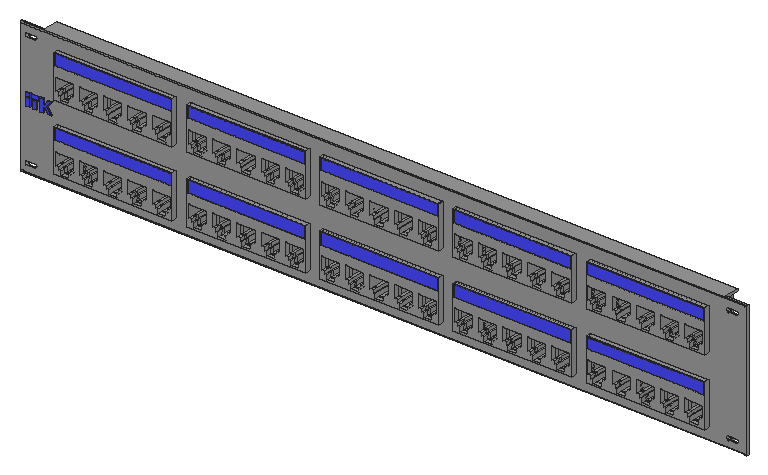
Revit family "ITK_Телефонная патч-панель_19-дюймовое крепление_2U", category Обобщенные модели, Revit 2019
Family settings
  Может служить основой для арматурных стержней = Нет
  Размер круглого соединителя = Использовать диаметр
  Тип детали = Нормальный
  На основе рабочей плоскости = Нет
  Всегда вертикально = Да
  При загрузке вырезать с полостями = Нет
  Общий = Нет
  Точка расчета площади = Нет
Parameters (values of type "PP50-2UC03U-110")
  Ширина = 482.6 mm
  Материал = Окраска - RAL 9005
  Изготовитель = "ITK"  # constant formula
  Дата изменения = ""
  Высота = 89 mm
  URL = "https://www.iek.ru/"
  KSI_CPr_Строительные изделия = "27.12.31.61.1.04.09-1090"  # constant formula
  KSI_CMa_Строительные материалы = "10.03.02.06"  # constant formula
  IEK_Цена за единицу = 3523.24
  IEK_Поиск в таблице имен = ""
  IEK_Описание = "Большое количество коммутационных портов.\r\nДвойная понятная маркировка IDC-модулей и портов.\r\nРасширенный частотный диапазон работы.\r\nУвеличенное количество циклов включения-отключения.\r\nСовместимы со всеми 19\" шкафами и стойками ITK.\r\nСоответствие международным стандартам и ГОСТ Р."
  IEK_URL = "https://www.itk-group.ru/produktsiya/catalog/oborudovanie_telekommunikatsionnoe/komponenty_sks_mednye/patch_paneli/patch_paneli_kat_3/itk_2u_telefonnaya_patch_panel_kat_3_50_portov_110_idc"
  ADSK_Примечание = ""
  ADSK_Позиция [instance] = ""
  ADSK_Наименование = "ITK 2U телефонная патч-панель кат. 3 50 портов 110 IDC"
  ADSK_Материал обозначение = ""
  ADSK_Материал наименование = "Металл и АБС-пластик"  # constant formula
  ADSK_Масса = 0.82
  ADSK_Марка = ""  # constant formula
  ADSK_Код изделия = "PP50-2UC03U-110"
  ADSK_Завод-изготовитель = "IEK"  # constant formula
  ADSK_Единица измерения = "шт"  # constant formula
  ADSK_Группирование = "I. ЩИТЫ И ПУЛЬТЫ"  # constant formula
  ADSK_Версия семейства = "1.0"  # constant formula
  ADSK_Версия Revit = "2019"  # constant formula
  ADSK_URL страницы изделия = "https://www.itk-group.ru/produktsiya/catalog/oborudovanie_telekommunikatsionnoe/komponenty_sks_mednye/patch_paneli/patch_paneli_kat_3/"
Reference planes
  plane 1 "По центру (Вперед/Назад)": y = 0
  plane 2: z = 0
  plane 3 "По центру (Влево/Вправо)": x = 0
  plane 4: z = 89
  plane 5: y = 11.8
  plane 6: x = 232.5
  plane 7: z = 22.25
  plane 8: z = 6.35
  plane 9: x = -233.8
  plane 10: x = -216.3
  plane 11: x = 216.3
  plane 12: z = 28.703
  plane 13: x = -241.3
  plane 14: x = 241.3
  plane 15: z = 44.5
Forms (mm)
  Extrusion 1, void
    sketch origin (0, 0, 0) x (1, 0, 0) y (0, 1, 0)
      loop
        line (-241.3, 11.8) -> (-241.3, 1.6) -> (-226.3, 1.6) -> (-226.3, 11.8) -> (-241.3, 11.8)
      loop
        line (241.3, 11.8) -> (226.3, 11.8) -> (226.3, 1.6) -> (241.3, 1.6) -> (241.3, 11.8)
    from 0 to 482.6
  Extrusion 2, solid, material "Окраска - RAL 9005" <- "Материал", detail levels fine
    sketch origin (-241.3, 0, 0) x (0, 1, 0) y (0, 0, 1)
      loop
        line (11.8, 89) -> (0.523, 89)
        arc (0.523, 89) -> (0.153, 88.847) -> (0, 88.477) r 0.523
        line (0, 88.477) -> (0, 0.507)
        arc (0, 0.507) -> (0.148, 0.148) -> (0.507, 0) r 0.507
        line (0.507, 0) -> (11.8, 0) -> (11.8, 1.6) -> (2.104, 1.6)
        arc (2.104, 1.6) -> (1.748, 1.748) -> (1.6, 2.104) r 0.504
        line (1.6, 2.104) -> (1.6, 86.858)
        arc (1.6, 86.858) -> (1.759, 87.241) -> (2.142, 87.4) r 0.542
        line (2.142, 87.4) -> (11.8, 87.4) -> (11.8, 89)
    from 0 to 482.6
  Extrusion 3, void
    sketch origin (0, 0, 0) x (1, 0, 0) y (0, 0, 1)
      loop
        arc (235, 4.85) -> (236.5, 6.35) -> (235, 7.85) r 1.5
        line (235, 7.85) -> (230, 7.85)
        arc (230, 7.85) -> (228.5, 6.35) -> (230, 4.85) r 1.5
        line (230, 4.85) -> (235, 4.85)
      loop
        line (-236.3, 4.85) -> (-231.3, 4.85)
        arc (-231.3, 4.85) -> (-229.8, 6.35) -> (-231.3, 7.85) r 1.5
        line (-231.3, 7.85) -> (-236.3, 7.85)
        arc (-236.3, 7.85) -> (-237.8, 6.35) -> (-236.3, 4.85) r 1.5
      loop
        line (235, 84.15) -> (230, 84.15)
        arc (230, 84.15) -> (228.5, 82.65) -> (230, 81.15) r 1.5
        line (230, 81.15) -> (235, 81.15)
        arc (235, 81.15) -> (236.5, 82.65) -> (235, 84.15) r 1.5
      loop
        arc (-236.3, 84.15) -> (-237.8, 82.65) -> (-236.3, 81.15) r 1.5
        line (-236.3, 81.15) -> (-231.3, 81.15)
        arc (-231.3, 81.15) -> (-229.8, 82.65) -> (-231.3, 84.15) r 1.5
        line (-231.3, 84.15) -> (-236.3, 84.15)
    from 0 to -2
  Extrusion 4, solid, material "Окраска - RAL 9005" <- "Материал", detail levels fine
    sketch origin (0, 0, 0) x (1, 0, 0) y (0, 0, 1)
      loop
        line (-216.3, 36.507) -> (-216.3, 8.268) -> (-137.7, 8.268) -> (-137.7, 36.507) -> (-216.3, 36.507)
      loop
        line (-127.7, 36.507) -> (-127.7, 8.268) -> (-49.1, 8.268) -> (-49.1, 36.507) -> (-127.7, 36.507)
      loop
        line (-39.3, 36.507) -> (-39.3, 8.268) -> (39.3, 8.268) -> (39.3, 36.507) -> (-39.3, 36.507)
      loop
        line (216.3, 36.507) -> (137.7, 36.507) -> (137.7, 8.268) -> (216.3, 8.268) -> (216.3, 36.507)
      loop
        line (127.7, 36.507) -> (49.1, 36.507) -> (49.1, 8.268) -> (127.7, 8.268) -> (127.7, 36.507)
      loop
        line (-216.3, 52.493) -> (-137.7, 52.493) -> (-137.7, 80.732) -> (-216.3, 80.732) -> (-216.3, 52.493)
      loop
        line (-127.7, 52.493) -> (-49.1, 52.493) -> (-49.1, 80.732) -> (-127.7, 80.732) -> (-127.7, 52.493)
      loop
        line (-39.3, 52.493) -> (39.3, 52.493) -> (39.3, 80.732) -> (-39.3, 80.732) -> (-39.3, 52.493)
      loop
        line (216.3, 52.493) -> (216.3, 80.732) -> (137.7, 80.732) -> (137.7, 52.493) -> (216.3, 52.493)
      loop
        line (127.7, 52.493) -> (127.7, 80.732) -> (49.1, 80.732) -> (49.1, 52.493) -> (127.7, 52.493)
    from 3.3 to -20
  Extrusion 5, solid, material "Пластик белый", detail levels fine
    sketch origin (0, 0, 0) x (1, 0, 0) y (0, 0, 1)
      loop
        line (-215.909, 28.703) -> (-138.05, 28.703) -> (-138.05, 36.197) -> (-215.909, 36.197) -> (-215.909, 28.703)
      loop
        line (-127.309, 28.703) -> (-49.45, 28.703) -> (-49.45, 36.197) -> (-127.309, 36.197) -> (-127.309, 28.703)
      loop
        line (-38.909, 28.703) -> (38.95, 28.703) -> (38.95, 36.197) -> (-38.909, 36.197) -> (-38.909, 28.703)
      loop
        line (49.491, 28.703) -> (127.35, 28.703) -> (127.35, 36.197) -> (49.491, 36.197) -> (49.491, 28.703)
      loop
        line (138.091, 28.703) -> (215.95, 28.703) -> (215.95, 36.197) -> (138.091, 36.197) -> (138.091, 28.703)
      loop
        line (-215.909, 72.928) -> (-138.05, 72.928) -> (-138.05, 80.423) -> (-215.909, 80.423) -> (-215.909, 72.928)
      loop
        line (-127.309, 72.928) -> (-49.45, 72.928) -> (-49.45, 80.423) -> (-127.309, 80.423) -> (-127.309, 72.928)
      loop
        line (-38.909, 72.928) -> (38.95, 72.928) -> (38.95, 80.423) -> (-38.909, 80.423) -> (-38.909, 72.928)
      loop
        line (49.491, 72.928) -> (127.35, 72.928) -> (127.35, 80.423) -> (49.491, 80.423) -> (49.491, 72.928)
      loop
        line (138.091, 72.928) -> (215.95, 72.928) -> (215.95, 80.423) -> (138.091, 80.423) -> (138.091, 72.928)
    from 3.3 to 0
  Extrusion 6, void
    sketch origin (0, 0, 0) x (1, 0, 0) y (0, 0, 1)
      loop
        line (-215.909, 36.197) -> (-215.909, 28.703) -> (-138.05, 28.703) -> (-138.05, 36.197) -> (-215.909, 36.197)
      loop
        line (-127.309, 36.197) -> (-127.309, 28.703) -> (-49.45, 28.703) -> (-49.45, 36.197) -> (-127.309, 36.197)
      loop
        line (-38.909, 36.197) -> (-38.909, 28.703) -> (38.95, 28.703) -> (38.95, 36.197) -> (-38.909, 36.197)
      loop
        line (49.491, 36.197) -> (49.491, 28.703) -> (127.35, 28.703) -> (127.35, 36.197) -> (49.491, 36.197)
      loop
        line (138.091, 36.197) -> (138.091, 28.703) -> (215.95, 28.703) -> (215.95, 36.197) -> (138.091, 36.197)
      loop
        line (-215.909, 80.423) -> (-215.909, 72.928) -> (-138.05, 72.928) -> (-138.05, 80.423) -> (-215.909, 80.423)
      loop
        line (-127.309, 80.423) -> (-127.309, 72.928) -> (-49.45, 72.928) -> (-49.45, 80.423) -> (-127.309, 80.423)
      loop
        line (-38.909, 80.423) -> (-38.909, 72.928) -> (38.95, 72.928) -> (38.95, 80.423) -> (-38.909, 80.423)
      loop
        line (49.491, 80.423) -> (49.491, 72.928) -> (127.35, 72.928) -> (127.35, 80.423) -> (49.491, 80.423)
      loop
        line (138.091, 80.423) -> (138.091, 72.928) -> (215.95, 72.928) -> (215.95, 80.423) -> (138.091, 80.423)
    from 0.831 to 3.3
  Extrusion 7, void
    sketch origin (0, 0, 0) x (1, 0, 0) y (0, 0, 1)
      loop
        line (-215.254, 22.25) -> (-215.254, 13.941) -> (-213.238, 13.941) -> (-213.238, 12.066) -> (-211.993, 12.066) -> (-211.993, 9.145) -> (-206.457, 9.145) -> (-206.457, 12.066) -> (-205.213, 12.066) -> (-205.213, 13.941) -> (-203.196, 13.941) -> (-203.196, 22.25) -> (-215.254, 22.25)
      loop
        line (-138.746, 22.25) -> (-150.804, 22.25) -> (-150.804, 13.941) -> (-148.787, 13.941) -> (-148.787, 12.066) -> (-147.543, 12.066) -> (-147.543, 9.145) -> (-142.007, 9.145) -> (-142.007, 12.066) -> (-140.762, 12.066) -> (-140.762, 13.941) -> (-138.746, 13.941) -> (-138.746, 22.25)
      loop
        line (-183.029, 22.25) -> (-183.029, 13.941) -> (-181.012, 13.941) -> (-181.012, 12.066) -> (-179.768, 12.066) -> (-179.768, 9.145) -> (-174.232, 9.145) -> (-174.232, 12.066) -> (-172.988, 12.066) -> (-172.988, 13.941) -> (-170.971, 13.941) -> (-170.971, 22.25) -> (-183.029, 22.25)
      loop
        line (-199.142, 22.25) -> (-199.142, 13.941) -> (-197.125, 13.941) -> (-197.125, 12.066) -> (-195.881, 12.066) -> (-195.881, 9.145) -> (-190.345, 9.145) -> (-190.345, 12.066) -> (-189.1, 12.066) -> (-189.1, 13.941) -> (-187.083, 13.941) -> (-187.083, 22.25) -> (-199.142, 22.25)
      loop
        line (-154.858, 22.25) -> (-166.917, 22.25) -> (-166.917, 13.941) -> (-164.9, 13.941) -> (-164.9, 12.066) -> (-163.655, 12.066) -> (-163.655, 9.145) -> (-158.119, 9.145) -> (-158.119, 12.066) -> (-156.875, 12.066) -> (-156.875, 13.941) -> (-154.858, 13.941) -> (-154.858, 22.25)
      loop
        line (-126.654, 22.25) -> (-126.654, 13.941) -> (-124.638, 13.941) -> (-124.638, 12.066) -> (-123.393, 12.066) -> (-123.393, 9.145) -> (-117.857, 9.145) -> (-117.857, 12.066) -> (-116.613, 12.066) -> (-116.613, 13.941) -> (-114.596, 13.941) -> (-114.596, 22.25) -> (-126.654, 22.25)
      loop
        line (-50.146, 22.25) -> (-62.204, 22.25) -> (-62.204, 13.941) -> (-60.187, 13.941) -> (-60.187, 12.066) -> (-58.943, 12.066) -> (-58.943, 9.145) -> (-53.407, 9.145) -> (-53.407, 12.066) -> (-52.162, 12.066) -> (-52.162, 13.941) -> (-50.146, 13.941) -> (-50.146, 22.25)
      loop
        line (-94.429, 22.25) -> (-94.429, 13.941) -> (-92.412, 13.941) -> (-92.412, 12.066) -> (-91.168, 12.066) -> (-91.168, 9.145) -> (-85.632, 9.145) -> (-85.632, 12.066) -> (-84.388, 12.066) -> (-84.388, 13.941) -> (-82.371, 13.941) -> (-82.371, 22.25) -> (-94.429, 22.25)
      loop
        line (-110.542, 22.25) -> (-110.542, 13.941) -> (-108.525, 13.941) -> (-108.525, 12.066) -> (-107.281, 12.066) -> (-107.281, 9.145) -> (-101.745, 9.145) -> (-101.745, 12.066) -> (-100.5, 12.066) -> (-100.5, 13.941) -> (-98.483, 13.941) -> (-98.483, 22.25) -> (-110.542, 22.25)
      loop
        line (-66.258, 22.25) -> (-78.317, 22.25) -> (-78.317, 13.941) -> (-76.3, 13.941) -> (-76.3, 12.066) -> (-75.055, 12.066) -> (-75.055, 9.145) -> (-69.519, 9.145) -> (-69.519, 12.066) -> (-68.275, 12.066) -> (-68.275, 13.941) -> (-66.258, 13.941) -> (-66.258, 22.25)
      loop
        line (-38.254, 22.25) -> (-38.254, 13.941) -> (-36.238, 13.941) -> (-36.238, 12.066) -> (-34.993, 12.066) -> (-34.993, 9.145) -> (-29.457, 9.145) -> (-29.457, 12.066) -> (-28.213, 12.066) -> (-28.213, 13.941) -> (-26.196, 13.941) -> (-26.196, 22.25) -> (-38.254, 22.25)
      loop
        line (38.254, 22.25) -> (26.196, 22.25) -> (26.196, 13.941) -> (28.213, 13.941) -> (28.213, 12.066) -> (29.457, 12.066) -> (29.457, 9.145) -> (34.993, 9.145) -> (34.993, 12.066) -> (36.238, 12.066) -> (36.238, 13.941) -> (38.254, 13.941) -> (38.254, 22.25)
      loop
        line (-6.029, 22.25) -> (-6.029, 13.941) -> (-4.012, 13.941) -> (-4.012, 12.066) -> (-2.768, 12.066) -> (-2.768, 9.145) -> (2.768, 9.145) -> (2.768, 12.066) -> (4.012, 12.066) -> (4.012, 13.941) -> (6.029, 13.941) -> (6.029, 22.25) -> (-6.029, 22.25)
      loop
        line (-22.142, 22.25) -> (-22.142, 13.941) -> (-20.125, 13.941) -> (-20.125, 12.066) -> (-18.881, 12.066) -> (-18.881, 9.145) -> (-13.345, 9.145) -> (-13.345, 12.066) -> (-12.1, 12.066) -> (-12.1, 13.941) -> (-10.083, 13.941) -> (-10.083, 22.25) -> (-22.142, 22.25)
      loop
        line (22.142, 22.25) -> (10.083, 22.25) -> (10.083, 13.941) -> (12.1, 13.941) -> (12.1, 12.066) -> (13.345, 12.066) -> (13.345, 9.145) -> (18.881, 9.145) -> (18.881, 12.066) -> (20.125, 12.066) -> (20.125, 13.941) -> (22.142, 13.941) -> (22.142, 22.25)
      loop
        line (138.746, 22.25) -> (138.746, 13.941) -> (140.762, 13.941) -> (140.762, 12.066) -> (142.007, 12.066) -> (142.007, 9.145) -> (147.543, 9.145) -> (147.543, 12.066) -> (148.787, 12.066) -> (148.787, 13.941) -> (150.804, 13.941) -> (150.804, 22.25) -> (138.746, 22.25)
      loop
        line (215.254, 22.25) -> (203.196, 22.25) -> (203.196, 13.941) -> (205.213, 13.941) -> (205.213, 12.066) -> (206.457, 12.066) -> (206.457, 9.145) -> (211.993, 9.145) -> (211.993, 12.066) -> (213.238, 12.066) -> (213.238, 13.941) -> (215.254, 13.941) -> (215.254, 22.25)
      loop
        line (170.971, 22.25) -> (170.971, 13.941) -> (172.988, 13.941) -> (172.988, 12.066) -> (174.232, 12.066) -> (174.232, 9.145) -> (179.768, 9.145) -> (179.768, 12.066) -> (181.012, 12.066) -> (181.012, 13.941) -> (183.029, 13.941) -> (183.029, 22.25) -> (170.971, 22.25)
      loop
        line (154.858, 22.25) -> (154.858, 13.941) -> (156.875, 13.941) -> (156.875, 12.066) -> (158.119, 12.066) -> (158.119, 9.145) -> (163.655, 9.145) -> (163.655, 12.066) -> (164.9, 12.066) -> (164.9, 13.941) -> (166.917, 13.941) -> (166.917, 22.25) -> (154.858, 22.25)
      loop
        line (199.142, 22.25) -> (187.083, 22.25) -> (187.083, 13.941) -> (189.1, 13.941) -> (189.1, 12.066) -> (190.345, 12.066) -> (190.345, 9.145) -> (195.881, 9.145) -> (195.881, 12.066) -> (197.125, 12.066) -> (197.125, 13.941) -> (199.142, 13.941) -> (199.142, 22.25)
      loop
        line (50.146, 22.25) -> (50.146, 13.941) -> (52.162, 13.941) -> (52.162, 12.066) -> (53.407, 12.066) -> (53.407, 9.145) -> (58.943, 9.145) -> (58.943, 12.066) -> (60.187, 12.066) -> (60.187, 13.941) -> (62.204, 13.941) -> (62.204, 22.25) -> (50.146, 22.25)
      loop
        line (126.654, 22.25) -> (114.596, 22.25) -> (114.596, 13.941) -> (116.613, 13.941) -> (116.613, 12.066) -> (117.857, 12.066) -> (117.857, 9.145) -> (123.393, 9.145) -> (123.393, 12.066) -> (124.638, 12.066) -> (124.638, 13.941) -> (126.654, 13.941) -> (126.654, 22.25)
      loop
        line (82.371, 22.25) -> (82.371, 13.941) -> (84.388, 13.941) -> (84.388, 12.066) -> (85.632, 12.066) -> (85.632, 9.145) -> (91.168, 9.145) -> (91.168, 12.066) -> (92.412, 12.066) -> (92.412, 13.941) -> (94.429, 13.941) -> (94.429, 22.25) -> (82.371, 22.25)
      loop
        line (66.258, 22.25) -> (66.258, 13.941) -> (68.275, 13.941) -> (68.275, 12.066) -> (69.519, 12.066) -> (69.519, 9.145) -> (75.055, 9.145) -> (75.055, 12.066) -> (76.3, 12.066) -> (76.3, 13.941) -> (78.317, 13.941) -> (78.317, 22.25) -> (66.258, 22.25)
      loop
        line (110.542, 22.25) -> (98.483, 22.25) -> (98.483, 13.941) -> (100.5, 13.941) -> (100.5, 12.066) -> (101.745, 12.066) -> (101.745, 9.145) -> (107.281, 9.145) -> (107.281, 12.066) -> (108.525, 12.066) -> (108.525, 13.941) -> (110.542, 13.941) -> (110.542, 22.25)
      loop
        line (-215.254, 66.475) -> (-215.254, 58.167) -> (-213.238, 58.167) -> (-213.238, 56.291) -> (-211.993, 56.291) -> (-211.993, 53.37) -> (-206.457, 53.37) -> (-206.457, 56.291) -> (-205.213, 56.291) -> (-205.213, 58.167) -> (-203.196, 58.167) -> (-203.196, 66.475) -> (-215.254, 66.475)
      loop
        line (-138.746, 66.475) -> (-150.804, 66.475) -> (-150.804, 58.167) -> (-148.787, 58.167) -> (-148.787, 56.291) -> (-147.543, 56.291) -> (-147.543, 53.37) -> (-142.007, 53.37) -> (-142.007, 56.291) -> (-140.762, 56.291) -> (-140.762, 58.167) -> (-138.746, 58.167) -> (-138.746, 66.475)
      loop
        line (-183.029, 66.475) -> (-183.029, 58.167) -> (-181.012, 58.167) -> (-181.012, 56.291) -> (-179.768, 56.291) -> (-179.768, 53.37) -> (-174.232, 53.37) -> (-174.232, 56.291) -> (-172.988, 56.291) -> (-172.988, 58.167) -> (-170.971, 58.167) -> (-170.971, 66.475) -> (-183.029, 66.475)
      loop
        line (-199.142, 66.475) -> (-199.142, 58.167) -> (-197.125, 58.167) -> (-197.125, 56.291) -> (-195.881, 56.291) -> (-195.881, 53.37) -> (-190.345, 53.37) -> (-190.345, 56.291) -> (-189.1, 56.291) -> (-189.1, 58.167) -> (-187.083, 58.167) -> (-187.083, 66.475) -> (-199.142, 66.475)
      loop
        line (-154.858, 66.475) -> (-166.917, 66.475) -> (-166.917, 58.167) -> (-164.9, 58.167) -> (-164.9, 56.291) -> (-163.655, 56.291) -> (-163.655, 53.37) -> (-158.119, 53.37) -> (-158.119, 56.291) -> (-156.875, 56.291) -> (-156.875, 58.167) -> (-154.858, 58.167) -> (-154.858, 66.475)
      loop
        line (-126.654, 66.475) -> (-126.654, 58.167) -> (-124.638, 58.167) -> (-124.638, 56.291) -> (-123.393, 56.291) -> (-123.393, 53.37) -> (-117.857, 53.37) -> (-117.857, 56.291) -> (-116.613, 56.291) -> (-116.613, 58.167) -> (-114.596, 58.167) -> (-114.596, 66.475) -> (-126.654, 66.475)
      loop
        line (-50.146, 66.475) -> (-62.204, 66.475) -> (-62.204, 58.167) -> (-60.187, 58.167) -> (-60.187, 56.291) -> (-58.943, 56.291) -> (-58.943, 53.37) -> (-53.407, 53.37) -> (-53.407, 56.291) -> (-52.162, 56.291) -> (-52.162, 58.167) -> (-50.146, 58.167) -> (-50.146, 66.475)
      loop
        line (-94.429, 66.475) -> (-94.429, 58.167) -> (-92.412, 58.167) -> (-92.412, 56.291) -> (-91.168, 56.291) -> (-91.168, 53.37) -> (-85.632, 53.37) -> (-85.632, 56.291) -> (-84.388, 56.291) -> (-84.388, 58.167) -> (-82.371, 58.167) -> (-82.371, 66.475) -> (-94.429, 66.475)
      loop
        line (-110.542, 66.475) -> (-110.542, 58.167) -> (-108.525, 58.167) -> (-108.525, 56.291) -> (-107.281, 56.291) -> (-107.281, 53.37) -> (-101.745, 53.37) -> (-101.745, 56.291) -> (-100.5, 56.291) -> (-100.5, 58.167) -> (-98.483, 58.167) -> (-98.483, 66.475) -> (-110.542, 66.475)
      loop
        line (-66.258, 66.475) -> (-78.317, 66.475) -> (-78.317, 58.167) -> (-76.3, 58.167) -> (-76.3, 56.291) -> (-75.055, 56.291) -> (-75.055, 53.37) -> (-69.519, 53.37) -> (-69.519, 56.291) -> (-68.275, 56.291) -> (-68.275, 58.167) -> (-66.258, 58.167) -> (-66.258, 66.475)
      loop
        line (-38.254, 66.475) -> (-38.254, 58.167) -> (-36.238, 58.167) -> (-36.238, 56.291) -> (-34.993, 56.291) -> (-34.993, 53.37) -> (-29.457, 53.37) -> (-29.457, 56.291) -> (-28.213, 56.291) -> (-28.213, 58.167) -> (-26.196, 58.167) -> (-26.196, 66.475) -> (-38.254, 66.475)
      loop
        line (38.254, 66.475) -> (26.196, 66.475) -> (26.196, 58.167) -> (28.213, 58.167) -> (28.213, 56.291) -> (29.457, 56.291) -> (29.457, 53.37) -> (34.993, 53.37) -> (34.993, 56.291) -> (36.238, 56.291) -> (36.238, 58.167) -> (38.254, 58.167) -> (38.254, 66.475)
      loop
        line (-6.029, 66.475) -> (-6.029, 58.167) -> (-4.012, 58.167) -> (-4.012, 56.291) -> (-2.768, 56.291) -> (-2.768, 53.37) -> (2.768, 53.37) -> (2.768, 56.291) -> (4.012, 56.291) -> (4.012, 58.167) -> (6.029, 58.167) -> (6.029, 66.475) -> (-6.029, 66.475)
      loop
        line (-22.142, 66.475) -> (-22.142, 58.167) -> (-20.125, 58.167) -> (-20.125, 56.291) -> (-18.881, 56.291) -> (-18.881, 53.37) -> (-13.345, 53.37) -> (-13.345, 56.291) -> (-12.1, 56.291) -> (-12.1, 58.167) -> (-10.083, 58.167) -> (-10.083, 66.475) -> (-22.142, 66.475)
      loop
        line (22.142, 66.475) -> (10.083, 66.475) -> (10.083, 58.167) -> (12.1, 58.167) -> (12.1, 56.291) -> (13.345, 56.291) -> (13.345, 53.37) -> (18.881, 53.37) -> (18.881, 56.291) -> (20.125, 56.291) -> (20.125, 58.167) -> (22.142, 58.167) -> (22.142, 66.475)
      loop
        line (138.746, 66.475) -> (138.746, 58.167) -> (140.762, 58.167) -> (140.762, 56.291) -> (142.007, 56.291) -> (142.007, 53.37) -> (147.543, 53.37) -> (147.543, 56.291) -> (148.787, 56.291) -> (148.787, 58.167) -> (150.804, 58.167) -> (150.804, 66.475) -> (138.746, 66.475)
      loop
        line (215.254, 66.475) -> (203.196, 66.475) -> (203.196, 58.167) -> (205.213, 58.167) -> (205.213, 56.291) -> (206.457, 56.291) -> (206.457, 53.37) -> (211.993, 53.37) -> (211.993, 56.291) -> (213.238, 56.291) -> (213.238, 58.167) -> (215.254, 58.167) -> (215.254, 66.475)
      loop
        line (170.971, 66.475) -> (170.971, 58.167) -> (172.988, 58.167) -> (172.988, 56.291) -> (174.232, 56.291) -> (174.232, 53.37) -> (179.768, 53.37) -> (179.768, 56.291) -> (181.012, 56.291) -> (181.012, 58.167) -> (183.029, 58.167) -> (183.029, 66.475) -> (170.971, 66.475)
      loop
        line (154.858, 66.475) -> (154.858, 58.167) -> (156.875, 58.167) -> (156.875, 56.291) -> (158.119, 56.291) -> (158.119, 53.37) -> (163.655, 53.37) -> (163.655, 56.291) -> (164.9, 56.291) -> (164.9, 58.167) -> (166.917, 58.167) -> (166.917, 66.475) -> (154.858, 66.475)
      loop
        line (199.142, 66.475) -> (187.083, 66.475) -> (187.083, 58.167) -> (189.1, 58.167) -> (189.1, 56.291) -> (190.345, 56.291) -> (190.345, 53.37) -> (195.881, 53.37) -> (195.881, 56.291) -> (197.125, 56.291) -> (197.125, 58.167) -> (199.142, 58.167) -> (199.142, 66.475)
      loop
        line (50.146, 66.475) -> (50.146, 58.167) -> (52.162, 58.167) -> (52.162, 56.291) -> (53.407, 56.291) -> (53.407, 53.37) -> (58.943, 53.37) -> (58.943, 56.291) -> (60.187, 56.291) -> (60.187, 58.167) -> (62.204, 58.167) -> (62.204, 66.475) -> (50.146, 66.475)
      loop
        line (126.654, 66.475) -> (114.596, 66.475) -> (114.596, 58.167) -> (116.613, 58.167) -> (116.613, 56.291) -> (117.857, 56.291) -> (117.857, 53.37) -> (123.393, 53.37) -> (123.393, 56.291) -> (124.638, 56.291) -> (124.638, 58.167) -> (126.654, 58.167) -> (126.654, 66.475)
      loop
        line (82.371, 66.475) -> (82.371, 58.167) -> (84.388, 58.167) -> (84.388, 56.291) -> (85.632, 56.291) -> (85.632, 53.37) -> (91.168, 53.37) -> (91.168, 56.291) -> (92.412, 56.291) -> (92.412, 58.167) -> (94.429, 58.167) -> (94.429, 66.475) -> (82.371, 66.475)
      loop
        line (66.258, 66.475) -> (66.258, 58.167) -> (68.275, 58.167) -> (68.275, 56.291) -> (69.519, 56.291) -> (69.519, 53.37) -> (75.055, 53.37) -> (75.055, 56.291) -> (76.3, 56.291) -> (76.3, 58.167) -> (78.317, 58.167) -> (78.317, 66.475) -> (66.258, 66.475)
      loop
        line (110.542, 66.475) -> (98.483, 66.475) -> (98.483, 58.167) -> (100.5, 58.167) -> (100.5, 56.291) -> (101.745, 56.291) -> (101.745, 53.37) -> (107.281, 53.37) -> (107.281, 56.291) -> (108.525, 56.291) -> (108.525, 58.167) -> (110.542, 58.167) -> (110.542, 66.475)
    from 3.3 to -15
  Extrusion 8, solid, material "Условный материал-отделка", detail levels coarse+medium
    sketch origin (0, 0, 0) x (1, 0, 0) y (0, 0, 1)
      loop
        line (-241.3, 89) -> (-241.3, 0) -> (241.3, 0) -> (241.3, 89) -> (-241.3, 89)
    from -20 to 0
  Extrusion 9, solid, material "Пластик белый", detail levels fine
    sketch origin (-229.252, 0, 40.531) x (1, 0, 0) y (0, 0, 1)
      loop
        line (-7.624, 5.29) -> (-7.624, 0) -> (-5.312, 0) -> (-5.312, 5.29) -> (-7.624, 5.29)
      loop
        line (-0.808, 5.29) -> (-2.986, 5.29) -> (-2.986, 0) -> (-0.808, 0) -> (-0.808, 5.29)
      loop
        line (-7.624, 6.027) -> (-5.312, 6.027) -> (-5.312, 8.272) -> (-7.624, 8.272) -> (-7.624, 6.027)
      loop
        line (1.567, 8.272) -> (1.567, 0) -> (3.747, 0) -> (3.747, 3.101) -> (4.58, 3.101) -> (6.594, 0) -> (9.251, 0) -> (6.241, 4.142) -> (9.251, 8.272) -> (6.594, 8.272) -> (4.58, 5.17) -> (3.747, 5.17) -> (3.747, 8.272) -> (1.567, 8.272)
      loop
        line (-4.24, 6.027) -> (0.447, 6.027) -> (0.447, 8.272) -> (-4.24, 8.272) -> (-4.24, 6.027)
    from 0 to 0.554
Cuts and joins
  Extrusion 1, Extrusion 3, Extrusion 6, Extrusion 7 cuts Extrusion 2
  Extrusion 6, Extrusion 7 cuts Extrusion 4
Dimensions and locks
  plane 4 to level = 89 mm
  plane 5 to plane 1 "По центру (Вперед/Назад)" = 11.8 mm
  equal spacing: plane 10, plane 3 "По центру (Влево/Вправо)", plane 11
  plane 10 to plane 11 = 432.6 mm
  equal spacing: plane 13, plane 3 "По центру (Влево/Вправо)", plane 14
  "Ширина": plane 13 to plane 14
  "Высота": plane 4 to level
  equal spacing: plane 4, plane 15, level
  aligned and locked: level to plane 2
  aligned and locked: Extrusion 6 sketch curve to Extrusion 5  (x20)
  aligned and locked: plane 13 to Extrusion 8
Automatic sketch dimensions
  Extrusion 2 sketch curve to plane 1 "По центру (Вперед/Назад)" = 0 mm
  Extrusion 2 sketch curve to level = 0 mm
  Extrusion 2 sketch curve to plane 4 = 0 mm
  Extrusion 2 sketch curve to plane 5 = 0 mm  (x2)
  Extrusion 2 sketch curve to Extrusion 2 sketch curve = 0.507 mm
  Extrusion 2 sketch curve to Extrusion 2 sketch curve = 0.523 mm
  Extrusion 2 sketch curve to plane 1 "По центру (Вперед/Назад)" = 1.6 mm
  Extrusion 2 sketch curve to Extrusion 2 sketch curve = 0.504 mm
  Extrusion 2 sketch curve to Extrusion 2 sketch curve = 0.542 mm
  Extrusion 2 sketch curve to Extrusion 2 sketch curve = 1.6 mm
  Extrusion 2 sketch curve to plane 4 = 2.142 mm
  Extrusion 4 sketch curve to plane 10 = 0 mm  (x2)
  plane 11 to Extrusion 4 sketch curve = 0 mm  (x2)
  Extrusion 4 sketch curve to plane 4 = 8.268 mm  (x5)
  plane 10 to Extrusion 4 sketch curve = 78.6 mm
  plane 12 to Extrusion 4 sketch curve = 7.804 mm  (x5)
  Extrusion 4 sketch curve to Extrusion 4 sketch curve = 0 mm  (x4)
  Extrusion 4 sketch curve to Extrusion 4 sketch curve = 10 mm  (x4)
  plane 8 to Extrusion 4 sketch curve = 1.918 mm  (x5)
  Extrusion 4 sketch curve to plane 3 "По центру (Влево/Вправо)" = 49.1 mm
  Extrusion 4 sketch curve to Extrusion 4 sketch curve = 9.8 mm  (x4)
  plane 3 "По центру (Влево/Вправо)" to Extrusion 4 sketch curve = 39.3 mm
  Extrusion 4 sketch curve to Extrusion 4 sketch curve = 78.6 mm
  plane 15 to Extrusion 4 sketch curve = 7.993 mm  (x5)
  Extrusion 7 sketch curve to plane 7 = 0 mm  (x25)
  plane 10 to Extrusion 7 sketch curve = 1.046 mm  (x2)
  Extrusion 7 sketch curve to Extrusion 7 sketch curve = 2.017 mm  (x97)
  Extrusion 7 sketch curve to Extrusion 7 sketch curve = 1.244 mm  (x99)
  Extrusion 7 sketch curve to Extrusion 7 sketch curve = 5.536 mm  (x46)
  Extrusion 7 sketch curve to Extrusion 7 sketch curve = 4.054 mm  (x40)
  Extrusion 7 sketch curve to Extrusion 7 sketch curve = 12.091 mm  (x4)
  Extrusion 7 sketch curve to Extrusion 7 sketch curve = 11.891 mm  (x4)
  Extrusion 7 sketch curve to plane 3 "По центру (Влево/Вправо)" = 2.768 mm
  plane 3 "По центру (Влево/Вправо)" to Extrusion 7 sketch curve = 2.768 mm  (x2)
  plane 3 "По центру (Влево/Вправо)" to Extrusion 7 sketch curve = 6.029 mm
  plane 11 to Extrusion 7 sketch curve = 4.307 mm  (x2)
  plane 11 to Extrusion 7 sketch curve = 1.046 mm  (x2)
  plane 8 to Extrusion 7 sketch curve = 7.591 mm  (x30)
  Extrusion 7 sketch curve to Extrusion 7 sketch curve = 0 mm  (x34)
  Extrusion 7 sketch curve to Extrusion 7 sketch curve = 1.876 mm  (x100)
  plane 8 to Extrusion 7 sketch curve = 2.795 mm  (x25)
  plane 15 to Extrusion 7 sketch curve = 8.87 mm  (x25)
  Extrusion 7 sketch curve to Extrusion 7 sketch curve = 2.921 mm  (x50)
  Extrusion 7 sketch curve to Extrusion 7 sketch curve = 8.309 mm  (x11)
  Extrusion 5 sketch curve to plane 12 = 0 mm  (x5)
  plane 10 to Extrusion 5 sketch curve = 0.391 mm  (x2)
  Extrusion 5 sketch curve to plane 4 = 8.577 mm  (x3)
  Extrusion 5 sketch curve to Extrusion 5 sketch curve = 77.859 mm  (x2)
  Extrusion 5 sketch curve to Extrusion 5 sketch curve = 0 mm  (x4)
  Extrusion 5 sketch curve to Extrusion 5 sketch curve = 10.741 mm  (x4)
  Extrusion 5 sketch curve to plane 3 "По центру (Влево/Вправо)" = 49.45 mm
  Extrusion 5 sketch curve to Extrusion 5 sketch curve = 10.541 mm  (x4)
  plane 3 "По центру (Влево/Вправо)" to Extrusion 5 sketch curve = 38.95 mm
  Extrusion 5 sketch curve to plane 4 = 16.072 mm  (x2)
  plane 11 to Extrusion 5 sketch curve = 0.35 mm  (x2)
  Extrusion 5 sketch curve to Extrusion 5 sketch curve = 7.494 mm  (x10)
  plane 10 to Extrusion 6 sketch curve = 0.391 mm
  Extrusion 6 sketch curve to plane 4 = 16.072 mm  (x5)
  Extrusion 6 sketch curve to Extrusion 6 sketch curve = 0 mm  (x4)
  Extrusion 6 sketch curve to Extrusion 6 sketch curve = 10.741 mm  (x2)
  Extrusion 6 sketch curve to Extrusion 6 sketch curve = 10.541 mm  (x2)
  plane 11 to Extrusion 6 sketch curve = 0.35 mm
  Extrusion 6 sketch curve to Extrusion 6 sketch curve = 7.494 mm  (x5)
  Extrusion 1 sketch curve to plane 13 = 0 mm
  plane 5 to Extrusion 1 sketch curve = 0 mm  (x2)
  Extrusion 1 sketch curve to plane 14 = 0 mm
  Extrusion 1 sketch curve to plane 1 "По центру (Вперед/Назад)" = 1.6 mm  (x2)
  plane 9 to Extrusion 1 sketch curve = 7.5 mm
  Extrusion 1 sketch curve to plane 6 = 6.2 mm
  Extrusion 3 sketch curve to plane 8 = 0 mm  (x2)
  Extrusion 3 sketch curve to plane 9 = 2.5 mm  (x2)
  plane 9 to Extrusion 3 sketch curve = 2.5 mm  (x2)
  Extrusion 3 sketch curve to plane 6 = 2.5 mm  (x2)
  plane 6 to Extrusion 3 sketch curve = 2.5 mm  (x2)
  Extrusion 3 sketch curve to Extrusion 3 sketch curve = 1.5 mm  (x4)
  Extrusion 3 sketch curve to plane 4 = 7.85 mm  (x2)
  Extrusion 8 sketch curve to level = 0 mm
  Extrusion 8 sketch curve to plane 13 = 0 mm
  Extrusion 8 sketch curve to plane 14 = 0 mm
  Extrusion 8 sketch curve to plane 4 = 0 mm
  plane 15 to Extrusion 9 sketch curve = 1.321 mm  (x2)
  Extrusion 9 sketch curve to plane 9 = 3.076 mm  (x2)
  Extrusion 9 sketch curve to plane 9 = 0.763 mm  (x2)
  Extrusion 9 sketch curve to Extrusion 9 sketch curve = 1.071 mm
  Extrusion 9 sketch curve to Extrusion 9 sketch curve = 1.255 mm  (x2)
  Extrusion 9 sketch curve to Extrusion 9 sketch curve = 2.178 mm
  plane 15 to Extrusion 9 sketch curve = 2.059 mm  (x2)
  Extrusion 9 sketch curve to Extrusion 9 sketch curve = 1.12 mm
  Extrusion 9 sketch curve to Extrusion 9 sketch curve = 2.18 mm  (x2)
  Extrusion 9 sketch curve to Extrusion 9 sketch curve = 0.834 mm  (x2)
  Extrusion 9 sketch curve to plane 15 = 0.867 mm
  plane 15 to Extrusion 9 sketch curve = 0.173 mm
  Extrusion 9 sketch curve to Extrusion 9 sketch curve = 1.661 mm
  plane 15 to Extrusion 9 sketch curve = 4.303 mm
  Extrusion 9 sketch curve to Extrusion 9 sketch curve = 2.848 mm  (x2)
  Extrusion 9 sketch curve to Extrusion 9 sketch curve = 2.656 mm  (x2)
  Extrusion 9 sketch curve to Extrusion 9 sketch curve = 4.142 mm
  Extrusion 9 sketch curve to Extrusion 9 sketch curve = 5.29 mm
  Extrusion 9 sketch curve to Extrusion 9 sketch curve = 0 mm  (x3)
  plane 15 to Extrusion 9 sketch curve = 1.201 mm
  Extrusion 9 sketch curve to Extrusion 9 sketch curve = 2.244 mm  (x2)
